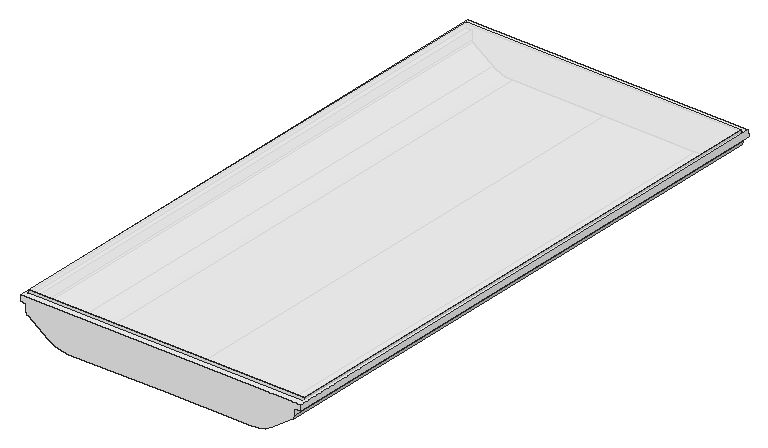
Revit family "LED-TR", category Lighting Fixtures, host Face, Revit 2014
Parameters (values of type "LED-TR-24")
  Wings = Paint - Hubbell - Light Silver
  Width = 24"
  Watts = 52 W
  Wattage Comments = "52W"
  Wattage = 52 W
  Warranty = "5 years Warranty"  # constant formula
  built-in parameter 1150110 = 1 (stored number, unit not read)
  Voltage = 120 V
  URL = "https://www.hubbell.com/whiteway/en/"
  built-in parameter 1114217 = 1 (stored number, unit not read)
  Tilt Angle = -90.00°
  built-in parameter 1150109 = 1 (stored number, unit not read)
  built-in parameter 1150134 = 3
  built-in parameter 1150113 = 1 (stored number, unit not read)
  Reflector Finish = Hubbell - White Glass
  Product Link = "https://www.hubbell.com/whiteway/en/Products/Lighting-Controls/Commercial-Outdoor-Lighting/Ceiling-Canopy-Garage/FueLED/p/1483080"
  Product Documentation Link = "https://hubbellcdn.com/specsheet/WW_FLED-RL_SPEC.pdf"
  Power Factor = 1
  Photometric Web File = "generic.ies"
  Pendent Height [instance] = 12"
  Model = "LED-TR Linear Facade"  # constant formula
  Manufacturer = "Whiteway"  # constant formula
  built-in parameter 1150105 = 397.14 (stored number, unit not read)
  Lumens = 4992 lm
  built-in parameter 1150115 = 1 (stored number, unit not read)
  Load Classification = Lighting
  built-in parameter 1150137 = (empty or 0)
  built-in parameter 1150139 = (empty or 0)
  Length = 48"
  built-in parameter 1150112 = 1 (stored number, unit not read)
  built-in parameter 1150114 = 1 (stored number, unit not read)
  Lamp = "LED"  # constant formula
  built-in parameter 1150132 = (empty or 0)
  built-in parameter 1150102 = (empty or 0)
  built-in parameter 1150107 = 3200 (stored number, unit not read)
  built-in parameter 1150138 = (empty or 0)
  built-in parameter 1150106 = 3.9714 (stored number, unit not read)
  Housing Material = Paint - Hubbell - Matte White
  Fixture distribution = "Direct"  # constant formula
  Features = " Full distribution LED troffer\r\n• Direct replacement for fluorescent\r\n• Long-life, 50,000 hour LEDs at L70 reduce life cycle maintenance costs\r\n• Three LED color choices\r\n• Many shielding choices\r\n• Two door frame choices\r\n• Recessed, surface, or cable mount\r\n• Metal to metal light leak protection on all four sides of shielding frame\r\n• Fixed output, step dimming (high/low/off), or 0-10V dimming drivers\r\n• Hinged optical system allows easy access to LED modules and electrical\r\n from below the ceiling\r\n• Field serviceable components"  # constant formula
  Emit from Rectangle Width = Length  # 48"
  Emit from Rectangle Length = Width  # 24"
  Emit Shape Visible in Rendering = no
  built-in parameter 1150104 = 8.9187 (stored number, unit not read)
  Drum-Height = 24"
  Dimming Lamp Color Temperature Shift = <None>
  Description = "LED Troffer with Advanced Solid State Technology. Long-life 50,000 hour LEDs at L70 lumen maintenance reduce facility maintenance needs."  # constant formula
  Default Elevation = 48"
  Copyright = " ©2020 Whiteway, a division of Hubbell Lighting, Inc"  # constant formula
  Contact = "https://www.hubbell.com/whiteway/en/contactUs"
  Connector Description = "Lighting Connector"  # constant formula
  Color Filter = 16777215
  built-in parameter 1114218 = 1 (stored number, unit not read)
  built-in parameter 1150133 = 10 (stored number, unit not read)
  Assembly Code = "D5020200"
  Apparent Load = Watts / Power Factor  # 52 VA
Types (3): name | Length | Emit from Rectangle Width
  (no name) | 48" | 48"
  LED-TR-22 | 24" | 24"
  LED-TR-24 | 48" | 48"
Reference planes (in)
  plane 1 "Center (Front/Back)": y = 0
  plane 2: z = 0
  plane 3 "Center (Left/Right)": x = 0
  plane 4: z = -3.125
  plane 5: y = -24
  plane 6: y = 24
  plane 7: x = 12
  plane 8: x = -12
  plane 9: y = 23.5
  plane 10: y = -23.5
Forms (in)
  Extrusion 1, solid, material "Paint - Hubbell - Matte White" <- "Housing Material"
    sketch origin (0, 0, 0) x (1, 0, 0) y (0, 0, 1)
      loop
        line (-12, 0) -> (-12, -0.5) -> (-11.5, -0.5) -> (-11.5, -1.06606)
        arc (-11.5, -1.06606) -> (-11.46008, -1.22922) -> (-11.34933, -1.3555) r 0.35334
        line (-11.34933, -1.3555) -> (-9.64236, -2.55073)
        arc (-9.64236, -2.55073) -> (-8.77588, -2.97803) -> (-7.82102, -3.125) r 3.17541
        line (-7.82102, -3.125) -> (0, -3.125) -> (7.82102, -3.125)
        arc (7.82102, -3.125) -> (8.77588, -2.97803) -> (9.64236, -2.55073) r 3.17541
        line (9.64236, -2.55073) -> (11.34933, -1.3555)
        arc (11.34933, -1.3555) -> (11.46008, -1.22922) -> (11.5, -1.06606) r 0.35334
        line (11.5, -1.06606) -> (11.5, -0.5) -> (12, -0.5) -> (12, 0) -> (-12, 0)
    from -24 to 24
  Extrusion 2, void
    sketch origin (0, 0, 0) x (1, 0, 0) y (0, 0, 1)
      loop
        line (-11.23506, -1.19231) -> (-9.52809, -2.38754)
        arc (-9.52809, -2.38754) -> (-8.71598, -2.78803) -> (-7.82102, -2.92578) r 2.97619
        line (-7.82102, -2.92578) -> (0, -2.92578) -> (7.82102, -2.92578)
        arc (7.82102, -2.92578) -> (8.71598, -2.78803) -> (9.52809, -2.38754) r 2.97619
        line (9.52809, -2.38754) -> (11.23506, -1.19231)
        arc (11.23506, -1.19231) -> (11.28337, -1.13723) -> (11.30078, -1.06606) r 0.15412
        line (11.30078, -1.06606) -> (11.30078, -0.30078) -> (11.8125, -0.30078) -> (11.8125, 0.19922) -> (-11.78125, 0.19922) -> (-11.78125, -0.30078) -> (-11.30078, -0.30078) -> (-11.30078, -1.06606)
        arc (-11.30078, -1.06606) -> (-11.28337, -1.13723) -> (-11.23506, -1.19231) r 0.15412
    from -23.5 to 23.5
  Extrusion 3, solid, material "Hubbell - White Glass" <- "Reflector Finish"
    sketch origin (0, 0, 0) x (1, 0, 0) y (0, 1, 0)
      loop
        line (-11.78125, 23.56965) -> (-11.78125, -23.33541) -> (11.8125, -23.33541) -> (11.8125, 23.56965) -> (-11.78125, 23.56965)
    from -0.43031 to 0.125
Cuts and joins
  Extrusion 2 cuts Extrusion 1
Dimensions and locks (in)
  "Width": plane 8 to plane 7
  "Length": plane 5 to plane 6
  equal spacing: plane 5, plane 1 "Center (Front/Back)", plane 6
  equal spacing: plane 8, plane 3 "Center (Left/Right)", plane 7
  plane 2 to plane 4 = 3 1/8"
  locked: plane 5 to plane 10 at 0.5
  locked: plane 9 to plane 6 at 0.5
  aligned and locked: plane 2 to host face
  aligned and locked: level to host face
  aligned and locked: imposter light to plane 1 "Center (Front/Back)"
  aligned and locked: plane 5 to Extrusion 1
  aligned and locked: Extrusion 1 to plane 6
  aligned and locked: cut or joined group of Extrusion 1, Extrusion 2 to plane 9
  aligned and locked: plane 10 to cut or joined group of Extrusion 1, Extrusion 2
Automatic sketch dimensions
  host sketch curve to host sketch curve = 96"  (x2)
  Extrusion 1 sketch curve to level = 0"
  Extrusion 1 sketch curve to plane 8 = 0"
  Extrusion 1 sketch curve to plane 4 = 0"
  Extrusion 1 sketch curve to plane 3 "Center (Left/Right)" = 0"
  Extrusion 1 sketch curve to plane 7 = 0"
  plane 8 to Extrusion 1 sketch curve = 1/2"
  Extrusion 1 sketch curve to Extrusion 1 sketch curve = 0.15067"  (x2)
  Extrusion 1 sketch curve to Extrusion 1 sketch curve = 0.20267"  (x2)
  plane 4 to Extrusion 1 sketch curve = 0.57427"  (x2)
  Extrusion 1 sketch curve to Extrusion 1 sketch curve = 1.70697"
  level to Extrusion 1 sketch curve = 0.05041"
  Extrusion 1 sketch curve to plane 7 = 4.17898"
  Extrusion 1 sketch curve to Extrusion 1 sketch curve = 1.82134"
  Extrusion 1 sketch curve to plane 7 = 0.85334"
  Extrusion 1 sketch curve to level = 1.3555"  (x2)
  Extrusion 1 sketch curve to level = 1/2"  (x2)
  plane 8 to Extrusion 2 sketch curve = 7/32"
  Extrusion 2 sketch curve to plane 3 "Center (Left/Right)" = 0"
  Extrusion 2 sketch curve to plane 7 = 3/16"
  Extrusion 2 sketch curve to level = 77/256"  (x2)
  plane 8 to Extrusion 2 sketch curve = 179/256"
  plane 4 to Extrusion 2 sketch curve = 0.73746"  (x2)
  Extrusion 2 sketch curve to Extrusion 2 sketch curve = 1.77269"
  plane 4 to Extrusion 2 sketch curve = 51/256"
  Extrusion 2 sketch curve to Extrusion 2 sketch curve = 1.70707"
  level to Extrusion 2 sketch curve = 0.05041"
  Extrusion 2 sketch curve to plane 7 = 4.17898"
  Extrusion 2 sketch curve to plane 7 = 0.85334"
  Extrusion 2 sketch curve to Extrusion 2 sketch curve = 0.0884"
  Extrusion 2 sketch curve to plane 7 = 179/256"
  Extrusion 2 sketch curve to Extrusion 2 sketch curve = 0.89153"  (x2)
  level to Extrusion 2 sketch curve = 51/256"
  Extrusion 2 sketch curve to Extrusion 2 sketch curve = 0.06572"
  Extrusion 2 sketch curve to Extrusion 2 sketch curve = 0.12625"
  plane 8 to Extrusion 3 sketch curve = 7/32"
  Extrusion 3 sketch curve to plane 7 = 3/16"
  Extrusion 3 sketch curve to plane 5 = 0.66459"
  plane 6 to Extrusion 3 sketch curve = 0.43035"
Connectors (in)
  electrical at (3.91051, 0, -3.125), driven by "Voltage", driven by "Apparent Load", driven by "Power Factor", driven by "Connector Description"
    settings: on Extrusion 1, index 1, voltage 120 V, apparent load 52 VA, apparent load phase1 0 VA, apparent load phase2 0 VA, apparent load phase3 0 VA, power factor 1, load classification "Other", number of poles 1, system type 30, power factor state 1, is connector primary yes, connector utility no, sub classification motor no, connector description "Lighting Connector"
